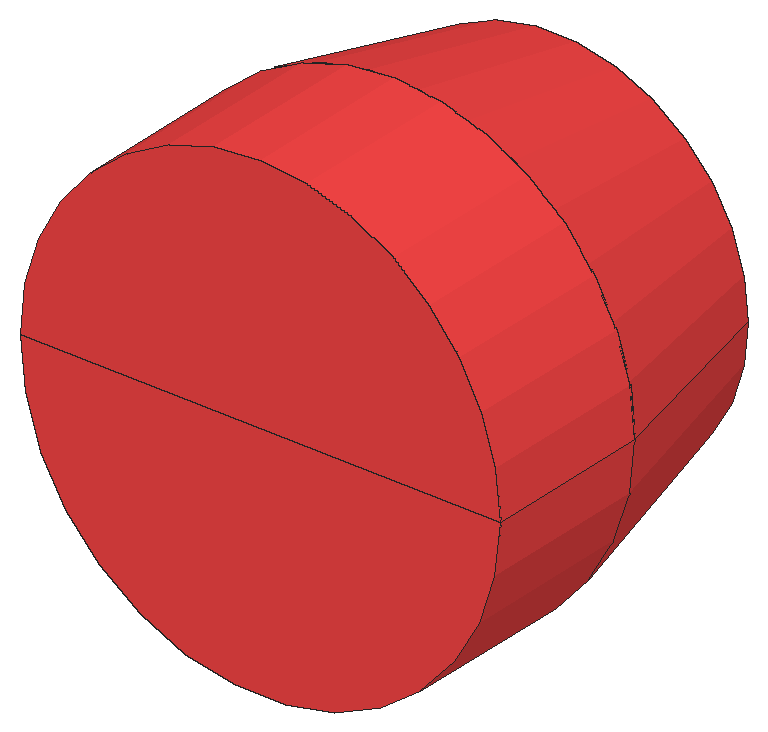
Revit family "CWSO-RR-S2 ENScape akustisk signalgiver rød_Vegg", category Fire Alarm Devices, Revit 2016
Family settings
  Maintain Annotation Orientation = Yes
  Part Type = Normal
  Round Connector Dimension = Use Diameter
  OmniClass Number = 23.85.30.21.11.17
  OmniClass Title = Other Components
  Work Plane-Based = No
  Always vertical = No
  Cut with Voids When Loaded = No
  Shared = No
  Room Calculation Point = No
Parameters (values of type "Signalgiver")
  Type Comments = "-XH"
  Reference Line Out [instance] = 50.00 mm
  NS8360 = "5423_XN1"
  Manufacturer = "Honeywell"
  Keynote = "XN1"
  CQFontSymboler = ""
  CQ Diameter = 100.00 mm
  CQ Symbol Positive Direction [instance] = yes
  CQ Symbol Offset Side [instance] = 0.00 mm
  CQ Symbol Offset Out [instance] = 0.00 mm
  CQ Material = Plastic - Red
  CQ Length = 77.00 mm
  Assembly Code = "5423"
Reference planes
  plane 1 "Center (Front/Back)": y = 0
  plane 2: z = 0
  plane 3 "Center (Left/Right)": x = 0
  plane 4: y = 77
  plane 5: x = 50
  plane 6: x = -50
  plane 7: z = 50
  plane 8: z = -50
Forms (mm)
  Revolve 1, solid, material "Plastic - Red" <- "CQ Material"
    sketch origin (0, 0, 0) x (1, 0, 0) y (0, 1, 0)
      loop
        line (50, 0) -> (50, 35) -> (40, 77) -> (38, 77)
        arc (38, 77) -> (31.118, 58.248) -> (13.595, 48.661) r 28.41
        line (13.595, 48.661) -> (0, 55) -> (0, 0) -> (50, 0)
      axis (0, 77) -> (0, 0)
    angle from 0 to 360
Lines and regions (mm)
  model lines, style "InvisibleLines"
    curve 1: line (0, 0, 0) -> (0, 84, 0)
    curve 2: line (0, 0, 0) -> (0, 50, 0)
  symbolic lines, style "InvisibleLines"
    curve 3: line (-50, 0, 0) -> (-50, 77, 0)
    curve 4: line (-50, 77, 0) -> (50, 77, 0)
    curve 5: line (50, 77, 0) -> (50, 0, 0)
Dimensions and locks
  "CQ Length": plane 1 "Center (Front/Back)" to plane 4
  "Reference Line Out": plane 1 "Center (Front/Back)" to curve 2
  equal spacing: plane 6, plane 3 "Center (Left/Right)", plane 5
  "CQ Diameter": plane 6 to plane 5
  equal spacing: plane 7, plane 2, plane 8
  "CQ Diameter": plane 7 to plane 8
  aligned and locked: level to plane 2
  aligned and locked: curve 1 to plane 2
  aligned and locked: curve 2 to plane 3 "Center (Left/Right)"
  aligned and locked: plane 1 "Center (Front/Back)" to curve 2
  aligned and locked: curve 2 to plane 2
  aligned and locked: plane 3 "Center (Left/Right)" to nested 1
  aligned and locked: plane 1 "Center (Front/Back)" to nested 1
  aligned and locked: plane 1 "Center (Front/Back)" to curve 3
  aligned and locked: plane 1 "Center (Front/Back)" to curve 5
  aligned and locked: plane 4 to curve 4
  aligned and locked: plane 5 to curve 5
  aligned and locked: Revolve 1 sketch curve to plane 5
  aligned and locked: Revolve 1 sketch curve to plane 1 "Center (Front/Back)"
  aligned and locked: Revolve 1 sketch curve to plane 3 "Center (Left/Right)"
  aligned and locked: plane 4 to Revolve 1 sketch curve
Automatic sketch dimensions
  Revolve 1 sketch curve to plane 3 "Center (Left/Right)" = 0.00 mm
  plane 4 to Revolve 1 sketch curve = 0.212 mm
  Revolve 1 sketch curve to Revolve 1 sketch curve = 35.00 mm
  plane 4 to Revolve 1 sketch curve = 22.00 mm
  plane 3 "Center (Left/Right)" to Revolve 1 sketch curve = 13.595 mm
  Revolve 1 sketch curve to plane 4 = 1923.00 mm
  plane 3 "Center (Left/Right)" to Revolve 1 sketch curve = 9.59 mm
  plane 5 to Revolve 1 sketch curve = 12.00 mm
  Revolve 1 sketch curve to Revolve 1 sketch curve = 2.00 mm
  plane 1 "Center (Front/Back)" to Revolve 1 sketch curve = 2000.00 mm
  curve 4 to plane 6 = 0.00 mm
  curve 1 to plane 4 = 7.00 mm
Nested families
  nested 1: "Alarm - Summer" at (0, 0, 0), type "Type 1"
Connectors
  electrical at (0, 0, 0)
    settings: index 1, voltage 0 V, apparent load 0 VA, apparent load phase1 0 VA, apparent load phase2 0 VA, apparent load phase3 0 VA, power factor 1, load classification "Other", number of poles 1, system type 11, power factor state 1, is connector primary yes, connector utility no, sub classification motor no, connector description ""
Definition of nested family "Alarm - Summer"
  Parameters (values of type "Type 1")
    CQ Symbol Positive Direction = yes
    CQ Symbol Negative Direction = not(CQ Symbol Positive Direction)  # no
    CQ Symbol Offset Side = 0.00 mm
    CQ Symbol Offset Out = 0.00 mm
  Reference planes
    plane 1: y = 0
    plane 2: x = 0
  Dimensions and locks
    "CQ Symbol Offset Out": plane 1 to nested 1
    "CQ Symbol Offset Out": plane 1 to nested 2
    "CQ Symbol Offset Side": nested 2 to plane 2
    "CQ Symbol Offset Side": plane 2 to nested 1
  Nested families
    nested 1: "Alarm - SummerSub" at (0, 0, 0), visible <- "CQ Symbol Positive Direction", type "Type 1"
    nested 2: "Alarm - SummerSub" at (0, 0, 0), visible <- "CQ Symbol Negative Direction", type "Type 1"
  Definition of nested family "Alarm - SummerSub"
    Reference planes
      plane 1: y = 0
      plane 2: x = 0
    Lines and regions (mm)
      detail lines
        curve 1: line (0, 0, 0) -> (0, 2.5, 0)
        curve 2: line (0, 0, 0) -> (-1.847, 0, 0)
        curve 3: line (-2.5, 2.5, 0) -> (2.5, 2.5, 0)
        curve 4: line (0, 5, 0) -> (-2.5, 2.5, 0)
        curve 5: line (0, 5, 0) -> (2.5, 2.5, 0)
